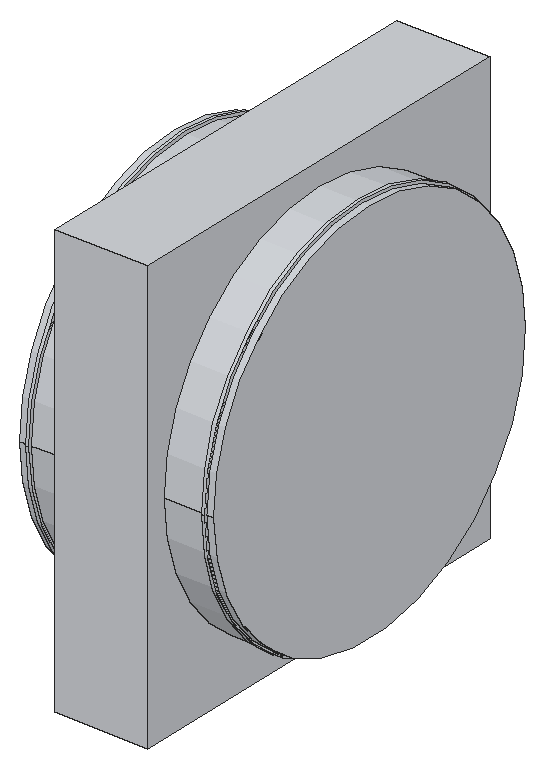
Revit family "НЕВАТОМ_Фильтр-бокс FV, версия 1", category Арматура воздуховодов, Revit 2017
Family settings
  Размер круглого соединителя = Использовать диаметр
  Тип детали = Вставляется
  На основе рабочей плоскости = Нет
  Всегда вертикально = Да
  При загрузке вырезать с полостями = Нет
  Общий = Нет
Parameters (values of type "Фильтр бокс FV - 500")
  ADSK_Материал = none
  Ключевая пометка = "Вентиляция"
  d = D + 6 mm  # 506 mm
  Nevatom_URL = "https://t.me/NEVATOM_Bim_bot"
  E = 250 mm
  C = 120 mm
  L = 140 mm
  H = 556 mm
  D = 500 mm
  B = 550 mm
  ADSK_Расход воздуха [instance] = 1750.0 m³/h
  ADSK_Размер_Ширина = E  # 250 mm
  ADSK_Размер_Длина = B  # 550 mm
  ADSK_Размер_Высота = H  # 556 mm
  ADSK_Примечание = ""
  ADSK_Позиция = ""
  ADSK_Наименование = "Фильтр бокс FV"  # constant formula
  ADSK_Масса_Текст = ""
  ADSK_Масса = 0
  ADSK_Марка = ""
  ADSK_Код изделия = ""
  ADSK_Завод-изготовитель = "НЕВАТОМ"  # constant formula
  ADSK_Единица измерения = "шт."  # constant formula
Types (9, lengths in mm): name | ADSK_Материал | d | E | L | H | D | B | ADSK_Расход воздуха | ADSK_Размер_Ширина | ADSK_Размер_Длина | ADSK_Размер_Высота
  Фильтр бокс FV-100 | Сталь серая | 106 | 210 | 100 | 202 | 100 | 200 | 70.0 m³/h | 210 | 200 | 202
  Фильтр бокс FV -125 | Сталь серая | 131 | 250 | 180 | 202 | 125 | 200 | 110.0 m³/h | 250 | 200 | 202
  Фильтр бокс FV- 160 | Сталь серая | 166 | 250 | 180 | 202 | 160 | 200 | 180.0 m³/h | 250 | 200 | 202
  Фильтр бокс FV - 200 | Сталь серая | 206 | 250 | 180 | 246 | 200 | 244 | 280.0 m³/h | 250 | 244 | 246
  Фильтр бокс FV - 250 | Сталь серая | 256 | 250 | 180 | 296 | 250 | 294 | 440.0 m³/h | 250 | 294 | 296
  Фильтр бокс FV - 315 | Сталь серая | 321 | 250 | 180 | 345 | 315 | 343 | 700.0 m³/h | 250 | 343 | 345
  Фильтр бокс FV - 355 | Сталь оцинкованная | 361 | 250 | 140 | 395 | 355 | 393 | 890.0 m³/h | 250 | 393 | 395
  Фильтр бокс FV - 400 | Сталь серая | 406 | 250 | 140 | 450 | 400 | 448 | 1100.0 m³/h | 250 | 448 | 450
  Фильтр бокс FV - 500 | none | 506 | 250 | 140 | 556 | 500 | 550 | 1750.0 m³/h | 250 | 550 | 556
Reference planes
  plane 1 "По центру (Вперед/Назад)": y = 0
  plane 2: z = 0
  plane 3 "По центру (Влево/Вправо)": x = 0
  plane 4: y = 275
  plane 5: y = -275
  plane 6: z = 278
  plane 7: z = -278
  plane 8: x = -60
  plane 9: x = 60
  plane 10: x = -125
  plane 11: x = 125
  plane 12: x = -115
  plane 13: x = -111
  plane 14: x = 115
  plane 15: x = 111
Forms (mm)
  Extrusion 1, void, not visible
    sketch origin (-345, -245, 50) x (0, -1, 0) y (0, 0, -1)
      loop
        line (-477.965, -475) -> (-477.965, -450) -> (-528.913, -450) -> (-528.913, -475) -> (-477.965, -475)
    from -47.452 to 12
  Extrusion 2, solid, material <- "ADSK_Материал"
    sketch origin (0, 0, 0) x (0, 1, 0) y (0, 0, 1)
      loop
        line (275, 278) -> (-275, 278) -> (-275, -278) -> (275, -278) -> (275, 278)
    from -60 to 60
  Extrusion 3, solid, material <- "ADSK_Материал"
    sketch origin (0, 0, 0) x (0, 1, 0) y (0, 0, 1)
      loop
        circle (0, 0) r 250
    from -125 to -60
  Extrusion 4, solid, material <- "ADSK_Материал"
    sketch origin (0, 0, 0) x (0, 1, 0) y (0, 0, 1)
      loop
        circle (0, 0) r 250
    from 60 to 125
  Extrusion 5, solid, material <- "ADSK_Материал"
    sketch origin (0, 0, 0) x (0, 1, 0) y (0, 0, 1)
      loop
        circle (0, 0) r 253
    from 111 to 115
  Extrusion 6, solid, material <- "ADSK_Материал"
    sketch origin (0, 0, 0) x (0, 1, 0) y (0, 0, -1)
      loop
        circle (0, 0) r 253
    from 111 to 115
Lines and regions (mm)
  model lines, not visible, detail levels coarse
    curve 1: circle (0, 0, 0) r 135 normal (0, 0, 1)
    curve 2: line (-135, 0, 0) -> (43.681, 127.738, 0)
    curve 3: line (-135, 0, 0) -> (43.681, -127.738, 0)
    curve 4: line (43.681, 127.738, 0) -> (43.681, -127.738, 0)
  model lines, not visible, detail levels medium
    curve 5: circle (0, 0, 0) r 90 normal (0, -1, 0)
    curve 6: line (-90, 0, 0) -> (39.046, 0, 81.089)
    curve 7: line (-90, 0, 0) -> (39.046, 0, -81.089)
    curve 8: line (39.046, 0, 81.089) -> (39.046, 0, -81.089)
Dimensions and locks
  equal spacing: plane 7, level, plane 6
  "H": plane 7 to plane 6
  equal spacing: plane 4, plane 1 "По центру (Вперед/Назад)", plane 5
  "B": plane 4 to plane 5
  equal spacing: plane 8, plane 3 "По центру (Влево/Вправо)", plane 9
  "C": plane 8 to plane 9
  equal spacing: plane 10, plane 3 "По центру (Влево/Вправо)", plane 11
  "E": plane 10 to plane 11
  locked: plane 10 to plane 12 at 10
  locked: plane 12 to plane 13 at 4
  locked: plane 14 to plane 11 at 10
  locked: plane 15 to plane 14 at 4
  "D": diameter of Extrusion 3 sketch curve
  "D": diameter of Extrusion 4 sketch curve
  "d": diameter of Extrusion 5 sketch curve
  "d": diameter of Extrusion 6 sketch curve
  aligned and locked: level to plane 2
  aligned and locked: plane 6 to Extrusion 2 sketch curve
  aligned and locked: Extrusion 2 sketch curve to plane 4
  aligned and locked: plane 7 to Extrusion 2 sketch curve
  aligned and locked: Extrusion 2 sketch curve to plane 5
  aligned and locked: Extrusion 2 to plane 9
  aligned and locked: Extrusion 2 to plane 8
  aligned and locked: Extrusion 3 to plane 10
  aligned and locked: Extrusion 3 to Extrusion 2
  aligned and locked: Extrusion 4 to plane 11
  aligned and locked: Extrusion 4 to Extrusion 2
  aligned and locked: Extrusion 6 to plane 13
  aligned and locked: Extrusion 6 to plane 12
  aligned and locked: Extrusion 5 to plane 15
  aligned and locked: Extrusion 5 to plane 14
Automatic sketch dimensions
  Extrusion 3 sketch curve to level = 0 mm
  Extrusion 3 sketch curve to plane 1 "По центру (Вперед/Назад)" = 0 mm
  Extrusion 4 sketch curve to level = 0 mm
  Extrusion 4 sketch curve to plane 1 "По центру (Вперед/Назад)" = 0 mm
  Extrusion 5 sketch curve to level = 0 mm
  Extrusion 5 sketch curve to plane 1 "По центру (Вперед/Назад)" = 0 mm
  Extrusion 6 sketch curve to level = 0 mm
  Extrusion 6 sketch curve to plane 1 "По центру (Вперед/Назад)" = 0 mm
Nested families
  nested 1: "крепление 15мм" at (-330, 229.965, 495), type "крепление 15мм", not visible
Connectors
  hvac at (-125, 0, 0), driven by "D"
    settings: on Extrusion 3, index 1, duct flow 0.0 m³/h, flow factor 0, pres drop 0.0 Pa, loss coef 0, conn angle 0.00°, conn width 304.8 mm, conn height 304.8 mm, conn diameter 500 mm, duct sys type 29, conn prof type 0, flow config 0, flow direction 0, loss method 0, conn ref index 2, conn util no, is conn primary yes, conn desc ""
  hvac at (125, 0, 0), driven by "D"
    settings: on Extrusion 4, index 2, duct flow 0.0 m³/h, flow factor 0, pres drop 0.0 Pa, loss coef 0, conn angle 0.00°, conn width 304.8 mm, conn height 304.8 mm, conn diameter 500 mm, duct sys type 29, conn prof type 0, flow config 0, flow direction 0, loss method 0, conn ref index 1, conn util no, is conn primary no, conn desc ""
Definition of nested family "крепление 15мм"
  Parameters (values of type "крепление 15мм")
    Материал крепления = none
  Reference planes
    plane 1 "По центру (Вперед/Назад)": y = 0
    plane 2: z = 0
    plane 3 "По центру (Влево/Вправо)": x = 0
  Forms (mm)
    Extrusion 1, solid, material <- "Материал крепления"
      sketch origin (0, 0, 0) x (1, 0, 0) y (0, 1, 0)
        loop
          line (-25, 0) -> (0, 0) -> (0, 18.31) -> (0, 25) -> (-3, 25) -> (-3, 3) -> (-25, 3) -> (-25, 0)
      from 0 to 30
    Extrusion 2, void
      sketch origin (0, 0, 0) x (1, 0, 0) y (0, 1, 0)
        loop
          line (-3, 3) -> (-3, 54.96) -> (-58, 54.96) -> (-58, 3) -> (-3, 3)
      from 0 to 15
  Cuts and joins
    Extrusion 2 cuts Extrusion 1
  Dimensions and locks
    Extrusion 1 sketch curve to Extrusion 1 sketch curve = 3 mm  (x2)
    Extrusion 1 sketch curve to Extrusion 1 sketch curve to plane 3 "По центру (Влево/Вправо)" = 25 mm, 0 mm
    Extrusion 1 sketch curve to Extrusion 1 sketch curve = 25 mm
    aligned and locked: level to plane 2
